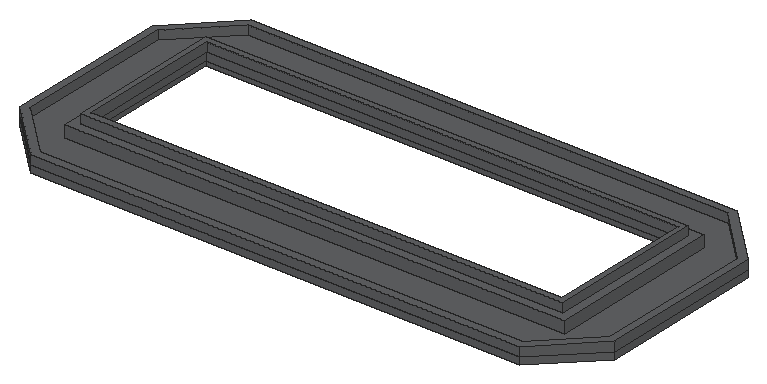
Revit family "Abdeckplatte für Universalträger UT3, Modul 45-Einbauöffnung, 165", category Generic Models, Revit 2015
Parameters (values of type "UT3 P3")
  URL = "http://www.obo-bettermann.com"
  Material = OBO PA
  Manufacturer Art.No. = "7408753"
  Manufacturer = "OBO Bettermann"
  Height 1 = 2 mm
  Height = 4.5 mm
  GTIN = "4012196435326"
  Article Type = "UT3 P3"
Reference planes
  plane 1 "Center (Front/Back)": y = 0
  plane 2: z = 0
  plane 3 "Center (Left/Right)": x = 0
  plane 4: z = 2
  plane 5: z = 4.5
  plane 6: z = 5.25
  plane 7: z = 7.75
Forms (mm)
  Extrusion 1, solid, material "OBO PA" <- "Material"
    sketch origin (0, 0, 0) x (1, 0, 0) y (0, 1, 0)
      loop
        line (-67.5, 38) -> (-82.5, 23) -> (-82.5, -23) -> (-67.5, -38) -> (67.9, -38) -> (82.5, -23.4) -> (82.5, 22.6) -> (67.1, 38) -> (-67.5, 38)
      loop
        line (-67.6, 22.573) -> (-67.6, -22.573) -> (67.6, -22.573) -> (67.6, 22.573) -> (-67.6, 22.573)
    from 0 to 2
  Extrusion 2, solid, material "OBO PA" <- "Material"
    sketch origin (0, 0, 0) x (1, 0, 0) y (0, 1, 0)
      loop
        line (67.1, 38) -> (-67.5, 38) -> (-82.5, 23) -> (-82.5, -23) -> (-67.5, -38) -> (67.9, -38) -> (82.5, -23.4) -> (82.5, 22.6) -> (67.1, 38)
      loop
        line (66.272, 36) -> (-66.672, 36) -> (-80.5, 22.172) -> (-80.5, -22.172) -> (-66.672, -36) -> (67.072, -36) -> (80.5, -22.572) -> (80.5, 21.772) -> (66.272, 36)
    from 2 to 4.5
  Extrusion 3, solid, material "OBO PA" <- "Material"
    sketch origin (0, 0, 0) x (1, 0, 0) y (0, 1, 0)
      loop
        line (-69.1, 24.1) -> (-69.1, -24.1) -> (69.1, -24.1) -> (69.1, 24.1) -> (-69.1, 24.1)
      loop
        line (-66.6, 21.6) -> (-66.6, -21.6) -> (66.6, -21.6) -> (66.6, 21.6) -> (-66.6, 21.6)
    from 2 to 5.25
  Extrusion 4, solid, material "OBO PA" <- "Material"
    sketch origin (0, 0, 0) x (1, 0, 0) y (0, 1, 0)
      loop
        line (-66.6, -21.6) -> (66.6, -21.6) -> (66.6, 21.6) -> (-66.6, 21.6) -> (-66.6, -21.6)
      loop
        line (-65.2, -20.2) -> (65.2, -20.2) -> (65.2, 20.2) -> (-65.2, 20.2) -> (-65.2, -20.2)
    from 5.25 to 7.75
Dimensions and locks
  "Height 1": plane 4 to level
  locked: Extrusion 1 sketch curve to Extrusion 1 sketch curve at 135.2
  equal spacing: Extrusion 1 sketch curve, plane 3 "Center (Left/Right)", Extrusion 1 sketch curve, locked at 67.6 each
  locked: Extrusion 1 sketch curve to Extrusion 1 sketch curve at 45.147
  equal spacing: Extrusion 1 sketch curve, plane 1 "Center (Front/Back)", Extrusion 1 sketch curve, locked at 22.573 each
  "Height": plane 5 to level
  locked: Extrusion 3 sketch curve to Extrusion 3 sketch curve at 138.2
  equal spacing: Extrusion 3 sketch curve, plane 3 "Center (Left/Right)", Extrusion 3 sketch curve, locked at 69.1 each
  locked: Extrusion 3 sketch curve to Extrusion 3 sketch curve at 48.2
  equal spacing: Extrusion 3 sketch curve, plane 1 "Center (Front/Back)", Extrusion 3 sketch curve, locked at 24.1 each
  locked: plane 6 to plane 5 at 0.75
  locked: plane 7 to plane 6 at 2.5
  aligned and locked: level to plane 2
  aligned and locked: Extrusion 1 to level
  aligned and locked: plane 4 to Extrusion 1
  aligned and locked: Extrusion 2 sketch curve to Extrusion 1  (x8)
  aligned and locked: Extrusion 2 to plane 4
  aligned and locked: plane 5 to Extrusion 2
  aligned and locked: Extrusion 3 to plane 4
  aligned and locked: plane 6 to Extrusion 3
  aligned and locked: Extrusion 4 sketch curve to Extrusion 3  (x4)
  aligned and locked: Extrusion 4 to Extrusion 3
  aligned and locked: plane 7 to Extrusion 4
Automatic sketch dimensions
  Extrusion 1 sketch curve to Extrusion 1 sketch curve = 14.9 mm  (x2)
  Extrusion 1 sketch curve to Extrusion 1 sketch curve = 0.1 mm  (x2)
  Extrusion 1 sketch curve to Extrusion 1 sketch curve = 0.5 mm
  Extrusion 1 sketch curve to Extrusion 1 sketch curve = 0.3 mm
  Extrusion 1 sketch curve to Extrusion 1 sketch curve = 0.426 mm  (x2)
  Extrusion 1 sketch curve to Extrusion 1 sketch curve = 0.827 mm
  Extrusion 1 sketch curve to Extrusion 1 sketch curve = 15.427 mm  (x2)
  Extrusion 1 sketch curve to Extrusion 1 sketch curve = 0.026 mm
  Extrusion 2 sketch curve to Extrusion 2 sketch curve = 0.828 mm  (x8)
  Extrusion 2 sketch curve to Extrusion 2 sketch curve = 2 mm  (x4)
  Extrusion 3 sketch curve to Extrusion 3 sketch curve = 2.5 mm  (x4)
  Extrusion 4 sketch curve to Extrusion 4 sketch curve = 1.4 mm  (x4)
